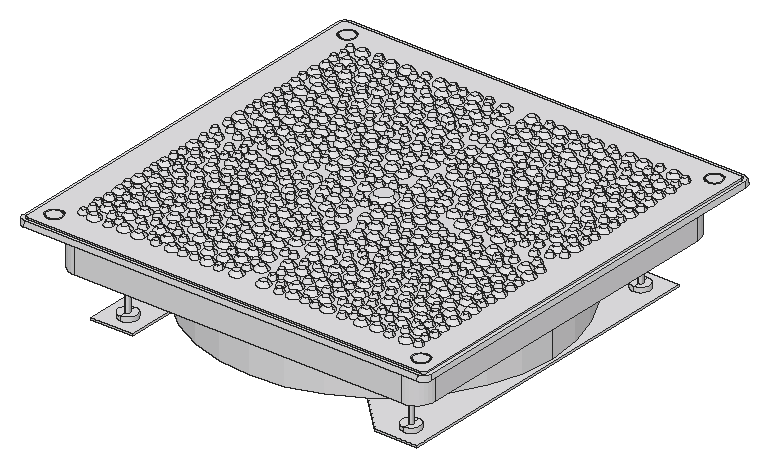
Revit family "Shower-Rainhead-KOHLER-REAL_RAIN-76728GL_1", category Plumbing Fixtures, host Face, Revit 2017 (continued)
Definition of nested family "76728GL"
  Lines and regions (in)
    symbolic lines, detail levels medium+fine
      curve 1899: arc (-7.73525, -7.80181, 0) -> (-7.85379, -7.92035, 0) -> (-7.97233, -7.80181, 0) r 0.11854
      curve 1900: arc (-8.05064, -7.80181, 0) -> (-7.85379, -7.99866, 0) -> (-7.65694, -7.80181, 0) r 0.19685
      curve 1901: arc (-7.65694, -7.80181, 0) -> (-7.85379, -7.60496, 0) -> (-8.05064, -7.80181, 0) r 0.19685
      curve 1902: arc (-7.57586, -7.34201, 0) -> (-7.77271, -7.14516, 0) -> (-7.96956, -7.34201, 0) r 0.19685
      curve 1903: arc (-7.89125, -7.34201, 0) -> (-7.77271, -7.22347, 0) -> (-7.65417, -7.34201, 0) r 0.11854
      curve 1904: arc (-7.65417, -7.34201, 0) -> (-7.77271, -7.46055, 0) -> (-7.89125, -7.34201, 0) r 0.11854
      curve 1905: arc (-7.18117, -7.0114, 0) -> (-7.33724, -7.16746, 0) -> (-7.4933, -7.0114, 0) r 0.15606
      curve 1906: arc (-7.6288, -7.0114, 0) -> (-7.33724, -7.30296, 0) -> (-7.04568, -7.0114, 0) r 0.29156
      curve 1907: arc (-7.7732, -6.89778, 0) -> (-7.89174, -7.01632, 0) -> (-8.01028, -6.89778, 0) r 0.11854
      curve 1908: arc (-8.01028, -6.89778, 0) -> (-7.89174, -6.77924, 0) -> (-7.7732, -6.89778, 0) r 0.11854
      curve 1909: arc (-7.69489, -6.89778, 0) -> (-7.89174, -6.70093, 0) -> (-8.08859, -6.89778, 0) r 0.19685
      curve 1910: arc (-8.08859, -6.89778, 0) -> (-7.89174, -7.09463, 0) -> (-7.69489, -6.89778, 0) r 0.19685
      curve 1911: arc (-7.96956, -7.34201, 0) -> (-7.77271, -7.53886, 0) -> (-7.57586, -7.34201, 0) r 0.19685
      curve 1912: arc (-7.06528, -7.33037, 0) -> (-6.86843, -7.52722, 0) -> (-6.67158, -7.33037, 0) r 0.19685
      curve 1913: arc (-6.74989, -7.33037, 0) -> (-6.86843, -7.44891, 0) -> (-6.98697, -7.33037, 0) r 0.11854
      curve 1914: arc (-6.98697, -7.33037, 0) -> (-6.86843, -7.21183, 0) -> (-6.74989, -7.33037, 0) r 0.11854
      curve 1915: arc (-6.67158, -7.33037, 0) -> (-6.86843, -7.13352, 0) -> (-7.06528, -7.33037, 0) r 0.19685
      curve 1916: arc (-7.4933, -7.0114, 0) -> (-7.33724, -6.85533, 0) -> (-7.18117, -7.0114, 0) r 0.15606
      curve 1917: arc (-7.04568, -7.0114, 0) -> (-7.33724, -6.71984, 0) -> (-7.6288, -7.0114, 0) r 0.29156
      curve 1918: arc (-7.67856, -6.32854, 0) -> (-7.79667, -6.44665, 0) -> (-7.91478, -6.32854, 0) r 0.11811
      curve 1919: arc (-7.91478, -6.32854, 0) -> (-7.79667, -6.21043, 0) -> (-7.67856, -6.32854, 0) r 0.11811
      curve 1920: arc (-8.03289, -6.32854, 0) -> (-7.79667, -6.56476, 0) -> (-7.56045, -6.32854, 0) r 0.23622
      curve 1921: arc (-7.56045, -6.32854, 0) -> (-7.79667, -6.09232, 0) -> (-8.03289, -6.32854, 0) r 0.23622
      curve 1922: arc (-7.13487, -6.43069, 0) -> (-7.25341, -6.54923, 0) -> (-7.37195, -6.43069, 0) r 0.11854
      curve 1923: arc (-7.37195, -6.43069, 0) -> (-7.25341, -6.31215, 0) -> (-7.13487, -6.43069, 0) r 0.11854
      curve 1924: arc (-7.05656, -6.43069, 0) -> (-7.25341, -6.23384, 0) -> (-7.45026, -6.43069, 0) r 0.19685
      curve 1925: arc (-7.45026, -6.43069, 0) -> (-7.25341, -6.62754, 0) -> (-7.05656, -6.43069, 0) r 0.19685
      curve 1926: arc (-7.00745, -6.71547, 0) -> (-6.88891, -6.59693, 0) -> (-6.77037, -6.71547, 0) r 0.11854
      curve 1927: arc (-6.77037, -6.71547, 0) -> (-6.88891, -6.83401, 0) -> (-7.00745, -6.71547, 0) r 0.11854
      curve 1928: arc (-7.08576, -6.71547, 0) -> (-6.88891, -6.91232, 0) -> (-6.69206, -6.71547, 0) r 0.19685
      curve 1929: arc (-6.69206, -6.71547, 0) -> (-6.88891, -6.51862, 0) -> (-7.08576, -6.71547, 0) r 0.19685
      curve 1930: arc (-6.5401, -6.94474, 0) -> (-6.38403, -6.78868, 0) -> (-6.22797, -6.94474, 0) r 0.15606
      curve 1931: arc (-6.22797, -6.94474, 0) -> (-6.38403, -7.10081, 0) -> (-6.5401, -6.94474, 0) r 0.15606
      curve 1932: arc (-6.67559, -6.94474, 0) -> (-6.38403, -7.2363, 0) -> (-6.09247, -6.94474, 0) r 0.29156
      curve 1933: arc (-6.09247, -6.94474, 0) -> (-6.38403, -6.65318, 0) -> (-6.67559, -6.94474, 0) r 0.29156
      curve 1934: arc (-7.4644, -7.84791, 0) -> (-7.30834, -7.69185, 0) -> (-7.15228, -7.84791, 0) r 0.15606
      curve 1935: arc (-7.01678, -7.84791, 0) -> (-7.30834, -7.55635, 0) -> (-7.5999, -7.84791, 0) r 0.29156
      curve 1936: arc (-6.25934, -7.49929, 0) -> (-6.37788, -7.61783, 0) -> (-6.49642, -7.49929, 0) r 0.11854
      curve 1937: arc (-6.49642, -7.49929, 0) -> (-6.37788, -7.38075, 0) -> (-6.25934, -7.49929, 0) r 0.11854
      curve 1938: arc (-6.57473, -7.49929, 0) -> (-6.37788, -7.69614, 0) -> (-6.18103, -7.49929, 0) r 0.19685
      curve 1939: arc (-6.18103, -7.49929, 0) -> (-6.37788, -7.30244, 0) -> (-6.57473, -7.49929, 0) r 0.19685
      curve 1940: arc (-5.95426, -6.95862, 0) -> (-5.83572, -6.84008, 0) -> (-5.71718, -6.95862, 0) r 0.11854
      curve 1941: arc (-5.71718, -6.95862, 0) -> (-5.83572, -7.07716, 0) -> (-5.95426, -6.95862, 0) r 0.11854
      curve 1942: arc (-5.63887, -6.95862, 0) -> (-5.83572, -6.76177, 0) -> (-6.03257, -6.95862, 0) r 0.19685
      curve 1943: arc (-6.03257, -6.95862, 0) -> (-5.83572, -7.15547, 0) -> (-5.63887, -6.95862, 0) r 0.19685
      curve 1944: arc (-6.69785, -7.92317, 0) -> (-6.57931, -7.80463, 0) -> (-6.46077, -7.92317, 0) r 0.11854
      curve 1945: arc (-6.38246, -7.92317, 0) -> (-6.57931, -7.72632, 0) -> (-6.77616, -7.92317, 0) r 0.19685
      curve 1946: arc (-6.46077, -7.92317, 0) -> (-6.57931, -8.04171, 0) -> (-6.69785, -7.92317, 0) r 0.11854
      curve 1947: arc (-6.77616, -7.92317, 0) -> (-6.57931, -8.12002, 0) -> (-6.38246, -7.92317, 0) r 0.19685
      curve 1948: arc (-5.06468, -7.84791, 0) -> (-5.22074, -8.00398, 0) -> (-5.37681, -7.84791, 0) r 0.15606
      curve 1949: arc (-5.37681, -7.84791, 0) -> (-5.22074, -7.69185, 0) -> (-5.06468, -7.84791, 0) r 0.15606
      curve 1950: arc (-5.5123, -7.84791, 0) -> (-5.22074, -8.13947, 0) -> (-4.92918, -7.84791, 0) r 0.29156
      curve 1951: arc (-4.92918, -7.84791, 0) -> (-5.22074, -7.55635, 0) -> (-5.5123, -7.84791, 0) r 0.29156
      curve 1952: arc (-6.07406, -7.79916, 0) -> (-5.91799, -7.64309, 0) -> (-5.76193, -7.79916, 0) r 0.15606
      curve 1953: arc (-5.76193, -7.79916, 0) -> (-5.91799, -7.95522, 0) -> (-6.07406, -7.79916, 0) r 0.15606
      curve 1954: arc (-6.20955, -7.79916, 0) -> (-5.91799, -8.09072, 0) -> (-5.62643, -7.79916, 0) r 0.29156
      curve 1955: arc (-5.62643, -7.79916, 0) -> (-5.91799, -7.5076, 0) -> (-6.20955, -7.79916, 0) r 0.29156
      curve 1956: arc (-7.15228, -7.84791, 0) -> (-7.30834, -8.00398, 0) -> (-7.4644, -7.84791, 0) r 0.15606
      curve 1957: arc (-7.5999, -7.84791, 0) -> (-7.30834, -8.13947, 0) -> (-7.01678, -7.84791, 0) r 0.29156
      curve 1958: arc (-5.33493, -7.3028, 0) -> (-5.45347, -7.42134, 0) -> (-5.57201, -7.3028, 0) r 0.11854
      curve 1959: arc (-5.57201, -7.3028, 0) -> (-5.45347, -7.18426, 0) -> (-5.33493, -7.3028, 0) r 0.11854
      curve 1960: arc (-5.25662, -7.3028, 0) -> (-5.45347, -7.10595, 0) -> (-5.65032, -7.3028, 0) r 0.19685
      curve 1961: arc (-5.65032, -7.3028, 0) -> (-5.45347, -7.49965, 0) -> (-5.25662, -7.3028, 0) r 0.19685
      curve 1962: arc (-5.9672, -6.37778, 0) -> (-6.12326, -6.53384, 0) -> (-6.27933, -6.37778, 0) r 0.15606
      curve 1963: arc (-6.27933, -6.37778, 0) -> (-6.12326, -6.22171, 0) -> (-5.9672, -6.37778, 0) r 0.15606
      curve 1964: arc (-6.41482, -6.37778, 0) -> (-6.12326, -6.66934, 0) -> (-5.8317, -6.37778, 0) r 0.29156
      curve 1965: arc (-5.8317, -6.37778, 0) -> (-6.12326, -6.08622, 0) -> (-6.41482, -6.37778, 0) r 0.29156
      curve 1966: arc (-6.59481, -6.20013, 0) -> (-6.75087, -6.3562, 0) -> (-6.90694, -6.20013, 0) r 0.15606
      curve 1967: arc (-6.90694, -6.20013, 0) -> (-6.75087, -6.04407, 0) -> (-6.59481, -6.20013, 0) r 0.15606
      curve 1968: arc (-6.45931, -6.20013, 0) -> (-6.75087, -5.90857, 0) -> (-7.04243, -6.20013, 0) r 0.29156
      curve 1969: arc (-7.04243, -6.20013, 0) -> (-6.75087, -6.49169, 0) -> (-6.45931, -6.20013, 0) r 0.29156
      curve 1970: arc (-7.42192, -5.93266, 0) -> (-7.30338, -5.81412, 0) -> (-7.18484, -5.93266, 0) r 0.11854
      curve 1971: arc (-7.18484, -5.93266, 0) -> (-7.30338, -6.0512, 0) -> (-7.42192, -5.93266, 0) r 0.11854
      curve 1972: arc (-7.50023, -5.93266, 0) -> (-7.30338, -6.12951, 0) -> (-7.10653, -5.93266, 0) r 0.19685
      curve 1973: arc (-7.10653, -5.93266, 0) -> (-7.30338, -5.73581, 0) -> (-7.50023, -5.93266, 0) r 0.19685
      curve 1974: arc (-7.65638, -5.70698, 0) -> (-7.81244, -5.86304, 0) -> (-7.9685, -5.70698, 0) r 0.15606
      curve 1975: arc (-7.9685, -5.70698, 0) -> (-7.81244, -5.55092, 0) -> (-7.65638, -5.70698, 0) r 0.15606
      curve 1976: arc (-8.104, -5.70698, 0) -> (-7.81244, -5.99854, 0) -> (-7.52088, -5.70698, 0) r 0.29156
      curve 1977: arc (-7.52088, -5.70698, 0) -> (-7.81244, -5.41542, 0) -> (-8.104, -5.70698, 0) r 0.29156
      curve 1978: arc (-7.79876, -5.13688, 0) -> (-7.9173, -5.25542, 0) -> (-8.03584, -5.13688, 0) r 0.11854
      curve 1979: arc (-8.03584, -5.13688, 0) -> (-7.9173, -5.01834, 0) -> (-7.79876, -5.13688, 0) r 0.11854
      curve 1980: arc (-8.11415, -5.13688, 0) -> (-7.9173, -5.33373, 0) -> (-7.72045, -5.13688, 0) r 0.19685
      curve 1981: arc (-7.72045, -5.13688, 0) -> (-7.9173, -4.94003, 0) -> (-8.11415, -5.13688, 0) r 0.19685
      curve 1982: arc (-7.18958, -5.26479, 0) -> (-7.34564, -5.42085, 0) -> (-7.50171, -5.26479, 0) r 0.15606
      curve 1983: arc (-7.50171, -5.26479, 0) -> (-7.34564, -5.10873, 0) -> (-7.18958, -5.26479, 0) r 0.15606
      curve 1984: arc (-7.6372, -5.26479, 0) -> (-7.34564, -5.55635, 0) -> (-7.05408, -5.26479, 0) r 0.29156
      curve 1985: arc (-7.21591, -4.79899, 0) -> (-6.92435, -5.09055, 0) -> (-6.63279, -4.79899, 0) r 0.29156
      curve 1986: arc (-7.05408, -5.26479, 0) -> (-7.34564, -4.97323, 0) -> (-7.6372, -5.26479, 0) r 0.29156
      curve 1987: circle (-7.82128, -4.58149, 0) r 0.15606 normal (0, 0, -1)
      curve 1988: circle (-7.82128, -4.58149, 0) r 0.29156 normal (0, 0, 1)
      curve 1989: arc (-6.76828, -4.79899, 0) -> (-6.92435, -4.95505, 0) -> (-7.08041, -4.79899, 0) r 0.15606
      curve 1990: arc (-7.08041, -4.79899, 0) -> (-6.92435, -4.64293, 0) -> (-6.76828, -4.79899, 0) r 0.15606
      curve 1991: arc (-6.63279, -4.79899, 0) -> (-6.92435, -4.50743, 0) -> (-7.21591, -4.79899, 0) r 0.29156
      curve 1992: arc (-7.0422, -5.66677, 0) -> (-6.92366, -5.54823, 0) -> (-6.80512, -5.66677, 0) r 0.11854
      curve 1993: arc (-6.80512, -5.66677, 0) -> (-6.92366, -5.78531, 0) -> (-7.0422, -5.66677, 0) r 0.11854
      curve 1994: arc (-6.72681, -5.66677, 0) -> (-6.92366, -5.46992, 0) -> (-7.12051, -5.66677, 0) r 0.19685
      curve 1995: arc (-7.12051, -5.66677, 0) -> (-6.92366, -5.86362, 0) -> (-6.72681, -5.66677, 0) r 0.19685
      curve 1996: arc (-6.12204, -5.64932, 0) -> (-6.2781, -5.80538, 0) -> (-6.43417, -5.64932, 0) r 0.15606
      curve 1997: arc (-6.43417, -5.64932, 0) -> (-6.2781, -5.49326, 0) -> (-6.12204, -5.64932, 0) r 0.15606
      curve 1998: arc (-6.56966, -5.64932, 0) -> (-6.2781, -5.94088, 0) -> (-5.98654, -5.64932, 0) r 0.29156
      curve 1999: arc (-5.98654, -5.64932, 0) -> (-6.2781, -5.35776, 0) -> (-6.56966, -5.64932, 0) r 0.29156
      curve 2000: arc (-6.53704, -5.25006, 0) -> (-6.65558, -5.3686, 0) -> (-6.77413, -5.25006, 0) r 0.11854
      curve 2001: arc (-6.77413, -5.25006, 0) -> (-6.65558, -5.13152, 0) -> (-6.53704, -5.25006, 0) r 0.11854
      curve 2002: arc (-6.85244, -5.25006, 0) -> (-6.65558, -5.44691, 0) -> (-6.45873, -5.25006, 0) r 0.19685
      curve 2003: arc (-6.45873, -5.25006, 0) -> (-6.65558, -5.05321, 0) -> (-6.85244, -5.25006, 0) r 0.19685
      curve 2004: arc (-5.74964, -5.25006, 0) -> (-5.86818, -5.3686, 0) -> (-5.98672, -5.25006, 0) r 0.11854
      curve 2005: arc (-5.98672, -5.25006, 0) -> (-5.86818, -5.13152, 0) -> (-5.74964, -5.25006, 0) r 0.11854
      curve 2006: arc (-6.06503, -5.25006, 0) -> (-5.86818, -5.44691, 0) -> (-5.67133, -5.25006, 0) r 0.19685
      curve 2007: arc (-5.67133, -5.25006, 0) -> (-5.86818, -5.05321, 0) -> (-6.06503, -5.25006, 0) r 0.19685
      curve 2008: arc (-6.12211, -4.86607, 0) -> (-6.27818, -5.02214, 0) -> (-6.43424, -4.86607, 0) r 0.15606
      curve 2009: arc (-6.43424, -4.86607, 0) -> (-6.27818, -4.71001, 0) -> (-6.12211, -4.86607, 0) r 0.15606
      curve 2010: arc (-5.98662, -4.86607, 0) -> (-6.27818, -4.57451, 0) -> (-6.56974, -4.86607, 0) r 0.29156
      curve 2011: arc (-6.56974, -4.86607, 0) -> (-6.27818, -5.15763, 0) -> (-5.98662, -4.86607, 0) r 0.29156
      curve 2012: arc (-4.61324, -7.65089, 0) -> (-4.73178, -7.76943, 0) -> (-4.85032, -7.65089, 0) r 0.11854
      curve 2013: arc (-4.85032, -7.65089, 0) -> (-4.73178, -7.53235, 0) -> (-4.61324, -7.65089, 0) r 0.11854
      curve 2014: arc (-4.53493, -7.65089, 0) -> (-4.73178, -7.45404, 0) -> (-4.92863, -7.65089, 0) r 0.19685
      curve 2015: arc (-4.92863, -7.65089, 0) -> (-4.73178, -7.84774, 0) -> (-4.53493, -7.65089, 0) r 0.19685
      curve 2016: arc (-5.17716, -6.74381, 0) -> (-5.2957, -6.86235, 0) -> (-5.41424, -6.74381, 0) r 0.11854
      curve 2017: arc (-5.41424, -6.74381, 0) -> (-5.2957, -6.62527, 0) -> (-5.17716, -6.74381, 0) r 0.11854
      curve 2018: arc (-5.09885, -6.74381, 0) -> (-5.2957, -6.54696, 0) -> (-5.49255, -6.74381, 0) r 0.19685
      curve 2019: arc (-5.49255, -6.74381, 0) -> (-5.2957, -6.94066, 0) -> (-5.09885, -6.74381, 0) r 0.19685
      curve 2020: arc (-4.24755, -7.90694, 0) -> (-4.36609, -8.02548, 0) -> (-4.48464, -7.90694, 0) r 0.11854
      curve 2021: arc (-4.48464, -7.90694, 0) -> (-4.36609, -7.7884, 0) -> (-4.24755, -7.90694, 0) r 0.11854
      curve 2022: arc (-4.16924, -7.90694, 0) -> (-4.36609, -7.71009, 0) -> (-4.56295, -7.90694, 0) r 0.19685
      curve 2023: arc (-4.56295, -7.90694, 0) -> (-4.36609, -8.10379, 0) -> (-4.16924, -7.90694, 0) r 0.19685
      curve 2024: arc (-2.98194, -7.90694, 0) -> (-3.10048, -8.02548, 0) -> (-3.21902, -7.90694, 0) r 0.11854
      curve 2025: arc (-3.21902, -7.90694, 0) -> (-3.10048, -7.7884, 0) -> (-2.98194, -7.90694, 0) r 0.11854
      curve 2026: arc (-2.90363, -7.90694, 0) -> (-3.10048, -7.71009, 0) -> (-3.29733, -7.90694, 0) r 0.19685
      curve 2027: arc (-3.29733, -7.90694, 0) -> (-3.10048, -8.10379, 0) -> (-2.90363, -7.90694, 0) r 0.19685
      curve 2028: arc (-3.61028, -7.08506, 0) -> (-3.72882, -7.2036, 0) -> (-3.84736, -7.08506, 0) r 0.11854
      curve 2029: arc (-3.84736, -7.08506, 0) -> (-3.72882, -6.96652, 0) -> (-3.61028, -7.08506, 0) r 0.11854
      curve 2030: arc (-3.53197, -7.08506, 0) -> (-3.72882, -6.88821, 0) -> (-3.92567, -7.08506, 0) r 0.19685
      curve 2031: arc (-3.92567, -7.08506, 0) -> (-3.72882, -7.28191, 0) -> (-3.53197, -7.08506, 0) r 0.19685
      curve 2032: arc (-2.47489, -7.84973, 0) -> (-2.59343, -7.96827, 0) -> (-2.71197, -7.84973, 0) r 0.11854
      curve 2033: arc (-2.71197, -7.84973, 0) -> (-2.59343, -7.73118, 0) -> (-2.47489, -7.84973, 0) r 0.11854
      curve 2034: arc (-2.39658, -7.84973, 0) -> (-2.59343, -7.65287, 0) -> (-2.79028, -7.84973, 0) r 0.19685
      curve 2035: arc (-2.79028, -7.84973, 0) -> (-2.59343, -8.04658, 0) -> (-2.39658, -7.84973, 0) r 0.19685
      curve 2036: arc (-2.64312, -6.80387, 0) -> (-2.76166, -6.92241, 0) -> (-2.8802, -6.80387, 0) r 0.11854
      curve 2037: arc (-2.8802, -6.80387, 0) -> (-2.76166, -6.68533, 0) -> (-2.64312, -6.80387, 0) r 0.11854
      curve 2038: arc (-2.56481, -6.80387, 0) -> (-2.76166, -6.60702, 0) -> (-2.95851, -6.80387, 0) r 0.19685
      curve 2039: arc (-2.95851, -6.80387, 0) -> (-2.76166, -7.00072, 0) -> (-2.56481, -6.80387, 0) r 0.19685
      curve 2040: arc (-4.09031, -6.80387, 0) -> (-4.20885, -6.92241, 0) -> (-4.32739, -6.80387, 0) r 0.11854
      curve 2041: arc (-4.32739, -6.80387, 0) -> (-4.20885, -6.68533, 0) -> (-4.09031, -6.80387, 0) r 0.11854
      curve 2042: arc (-4.012, -6.80387, 0) -> (-4.20885, -6.60702, 0) -> (-4.4057, -6.80387, 0) r 0.19685
      curve 2043: arc (-4.4057, -6.80387, 0) -> (-4.20885, -7.00072, 0) -> (-4.012, -6.80387, 0) r 0.19685
      curve 2044: arc (-4.54622, -6.52269, 0) -> (-4.66476, -6.64123, 0) -> (-4.7833, -6.52269, 0) r 0.11854
      curve 2045: arc (-4.7833, -6.52269, 0) -> (-4.66476, -6.40415, 0) -> (-4.54622, -6.52269, 0) r 0.11854
      curve 2046: arc (-4.46791, -6.52269, 0) -> (-4.66476, -6.32584, 0) -> (-4.86161, -6.52269, 0) r 0.19685
      curve 2047: arc (-4.86161, -6.52269, 0) -> (-4.66476, -6.71954, 0) -> (-4.46791, -6.52269, 0) r 0.19685
      curve 2048: arc (-5.42258, -6.27957, 0) -> (-5.54112, -6.39811, 0) -> (-5.65966, -6.27957, 0) r 0.11854
      curve 2049: arc (-5.65966, -6.27957, 0) -> (-5.54112, -6.16103, 0) -> (-5.42258, -6.27957, 0) r 0.11854
      curve 2050: arc (-5.34427, -6.27957, 0) -> (-5.54112, -6.08272, 0) -> (-5.73797, -6.27957, 0) r 0.19685
      curve 2051: arc (-5.73797, -6.27957, 0) -> (-5.54112, -6.47642, 0) -> (-5.34427, -6.27957, 0) r 0.19685
      curve 2052: arc (-5.54072, -5.78627, 0) -> (-5.65926, -5.90482, 0) -> (-5.7778, -5.78627, 0) r 0.11854
      curve 2053: arc (-5.7778, -5.78627, 0) -> (-5.65926, -5.66773, 0) -> (-5.54072, -5.78627, 0) r 0.11854
      curve 2054: arc (-5.46241, -5.78627, 0) -> (-5.65926, -5.58942, 0) -> (-5.85611, -5.78627, 0) r 0.19685
      curve 2055: arc (-5.85611, -5.78627, 0) -> (-5.65926, -5.98313, 0) -> (-5.46241, -5.78627, 0) r 0.19685
      curve 2056: arc (-4.26519, -6.02662, 0) -> (-4.38373, -6.14516, 0) -> (-4.50227, -6.02662, 0) r 0.11854
      curve 2057: arc (-4.50227, -6.02662, 0) -> (-4.38373, -5.90808, 0) -> (-4.26519, -6.02662, 0) r 0.11854
      curve 2058: arc (-4.18688, -6.02662, 0) -> (-4.38373, -5.82977, 0) -> (-4.58058, -6.02662, 0) r 0.19685
      curve 2059: arc (-4.58058, -6.02662, 0) -> (-4.38373, -6.22347, 0) -> (-4.18688, -6.02662, 0) r 0.19685
      curve 2060: arc (-4.53176, -5.39897, 0) -> (-4.6503, -5.51751, 0) -> (-4.76884, -5.39897, 0) r 0.11854
      curve 2061: arc (-4.76884, -5.39897, 0) -> (-4.6503, -5.28043, 0) -> (-4.53176, -5.39897, 0) r 0.11854
      curve 2062: arc (-4.45345, -5.39897, 0) -> (-4.6503, -5.20212, 0) -> (-4.84715, -5.39897, 0) r 0.19685
      curve 2063: arc (-4.84715, -5.39897, 0) -> (-4.6503, -5.59582, 0) -> (-4.45345, -5.39897, 0) r 0.19685
      curve 2064: arc (-4.01766, -5.51334, 0) -> (-4.1362, -5.63189, 0) -> (-4.25474, -5.51334, 0) r 0.11854
      curve 2065: arc (-4.25474, -5.51334, 0) -> (-4.1362, -5.3948, 0) -> (-4.01766, -5.51334, 0) r 0.11854
      curve 2066: arc (-3.93935, -5.51334, 0) -> (-4.1362, -5.31649, 0) -> (-4.33305, -5.51334, 0) r 0.19685
      curve 2067: arc (-4.33305, -5.51334, 0) -> (-4.1362, -5.7102, 0) -> (-3.93935, -5.51334, 0) r 0.19685
      curve 2068: arc (-3.66705, -5.08924, 0) -> (-3.78559, -5.20778, 0) -> (-3.90413, -5.08924, 0) r 0.11854
      curve 2069: arc (-3.90413, -5.08924, 0) -> (-3.78559, -4.9707, 0) -> (-3.66705, -5.08924, 0) r 0.11854
      curve 2070: arc (-3.58874, -5.08924, 0) -> (-3.78559, -4.89239, 0) -> (-3.98244, -5.08924, 0) r 0.19685
      curve 2071: arc (-3.98244, -5.08924, 0) -> (-3.78559, -5.28609, 0) -> (-3.58874, -5.08924, 0) r 0.19685
      curve 2072: arc (-5.53916, -4.78288, 0) -> (-5.6577, -4.90142, 0) -> (-5.77624, -4.78288, 0) r 0.11854
      curve 2073: arc (-5.77624, -4.78288, 0) -> (-5.6577, -4.66434, 0) -> (-5.53916, -4.78288, 0) r 0.11854
      curve 2074: arc (-5.46085, -4.78288, 0) -> (-5.6577, -4.58603, 0) -> (-5.85455, -4.78288, 0) r 0.19685
      curve 2075: arc (-5.85455, -4.78288, 0) -> (-5.6577, -4.97973, 0) -> (-5.46085, -4.78288, 0) r 0.19685
      curve 2076: arc (-3.09302, -6.01662, 0) -> (-3.21156, -6.13516, 0) -> (-3.3301, -6.01662, 0) r 0.11854
      curve 2077: arc (-3.3301, -6.01662, 0) -> (-3.21156, -5.89808, 0) -> (-3.09302, -6.01662, 0) r 0.11854
      curve 2078: arc (-3.01471, -6.01662, 0) -> (-3.21156, -5.81977, 0) -> (-3.40841, -6.01662, 0) r 0.19685
      curve 2079: arc (-3.40841, -6.01662, 0) -> (-3.21156, -6.21347, 0) -> (-3.01471, -6.01662, 0) r 0.19685
      curve 2080: arc (-2.27158, -5.87499, 0) -> (-2.39012, -5.99353, 0) -> (-2.50867, -5.87499, 0) r 0.11854
      curve 2081: arc (-2.50867, -5.87499, 0) -> (-2.39012, -5.75644, 0) -> (-2.27158, -5.87499, 0) r 0.11854
      curve 2082: arc (-2.19327, -5.87499, 0) -> (-2.39012, -5.67813, 0) -> (-2.58698, -5.87499, 0) r 0.19685
      curve 2083: arc (-2.58698, -5.87499, 0) -> (-2.39012, -6.07184, 0) -> (-2.19327, -5.87499, 0) r 0.19685
      curve 2084: arc (-2.37257, -5.01257, 0) -> (-2.49111, -5.13111, 0) -> (-2.60965, -5.01257, 0) r 0.11854
      curve 2085: arc (-2.60965, -5.01257, 0) -> (-2.49111, -4.89403, 0) -> (-2.37257, -5.01257, 0) r 0.11854
      curve 2086: arc (-2.29426, -5.01257, 0) -> (-2.49111, -4.81572, 0) -> (-2.68796, -5.01257, 0) r 0.19685
      curve 2087: arc (-2.68796, -5.01257, 0) -> (-2.49111, -5.20942, 0) -> (-2.29426, -5.01257, 0) r 0.19685
      curve 2088: arc (-1.23964, -5.59712, 0) -> (-1.35818, -5.71566, 0) -> (-1.47672, -5.59712, 0) r 0.11854
      curve 2089: arc (-1.47672, -5.59712, 0) -> (-1.35818, -5.47858, 0) -> (-1.23964, -5.59712, 0) r 0.11854
      curve 2090: arc (-1.16133, -5.59712, 0) -> (-1.35818, -5.40027, 0) -> (-1.55503, -5.59712, 0) r 0.19685
      curve 2091: arc (-1.55503, -5.59712, 0) -> (-1.35818, -5.79397, 0) -> (-1.16133, -5.59712, 0) r 0.19685
      curve 2092: arc (-0.74576, -5.70373, 0) -> (-0.8643, -5.82227, 0) -> (-0.98284, -5.70373, 0) r 0.11854
      curve 2093: arc (-0.98284, -5.70373, 0) -> (-0.8643, -5.58519, 0) -> (-0.74576, -5.70373, 0) r 0.11854
      curve 2094: arc (-0.66745, -5.70373, 0) -> (-0.8643, -5.50688, 0) -> (-1.06115, -5.70373, 0) r 0.19685
      curve 2095: arc (-1.06115, -5.70373, 0) -> (-0.8643, -5.90058, 0) -> (-0.66745, -5.70373, 0) r 0.19685
      curve 2096: arc (-2.65714, -6.17692, 0) -> (-2.77568, -6.29546, 0) -> (-2.89422, -6.17692, 0) r 0.11854
      curve 2097: arc (-2.89422, -6.17692, 0) -> (-2.77568, -6.05838, 0) -> (-2.65714, -6.17692, 0) r 0.11854
      curve 2098: arc (-2.57883, -6.17692, 0) -> (-2.77568, -5.98007, 0) -> (-2.97253, -6.17692, 0) r 0.19685
      curve 2099: arc (-2.97253, -6.17692, 0) -> (-2.77568, -6.37377, 0) -> (-2.57883, -6.17692, 0) r 0.19685
      curve 2100: arc (-1.66577, -6.68216, 0) -> (-1.78431, -6.8007, 0) -> (-1.90285, -6.68216, 0) r 0.11854
      curve 2101: arc (-1.90285, -6.68216, 0) -> (-1.78431, -6.56362, 0) -> (-1.66577, -6.68216, 0) r 0.11854
      curve 2102: arc (-1.58746, -6.68216, 0) -> (-1.78431, -6.48531, 0) -> (-1.98116, -6.68216, 0) r 0.19685
      curve 2103: arc (-1.98116, -6.68216, 0) -> (-1.78431, -6.87901, 0) -> (-1.58746, -6.68216, 0) r 0.19685
      curve 2104: arc (-0.47774, -6.74916, 0) -> (-0.59628, -6.8677, 0) -> (-0.71482, -6.74916, 0) r 0.11854
      curve 2105: arc (-0.71482, -6.74916, 0) -> (-0.59628, -6.63062, 0) -> (-0.47774, -6.74916, 0) r 0.11854
      curve 2106: arc (-0.39943, -6.74916, 0) -> (-0.59628, -6.55231, 0) -> (-0.79313, -6.74916, 0) r 0.19685
      curve 2107: arc (-0.79313, -6.74916, 0) -> (-0.59628, -6.94601, 0) -> (-0.39943, -6.74916, 0) r 0.19685
      curve 2108: arc (-0.47774, -7.28378, 0) -> (-0.59628, -7.40232, 0) -> (-0.71482, -7.28378, 0) r 0.11854
      curve 2109: arc (-0.71482, -7.28378, 0) -> (-0.59628, -7.16524, 0) -> (-0.47774, -7.28378, 0) r 0.11854
      curve 2110: arc (-0.39943, -7.28378, 0) -> (-0.59628, -7.08693, 0) -> (-0.79313, -7.28378, 0) r 0.19685
      curve 2111: arc (-0.79313, -7.28378, 0) -> (-0.59628, -7.48063, 0) -> (-0.39943, -7.28378, 0) r 0.19685
      curve 2112: arc (-1.05645, -7.49767, 0) -> (-1.17499, -7.61621, 0) -> (-1.29354, -7.49767, 0) r 0.11854
      curve 2113: arc (-1.29354, -7.49767, 0) -> (-1.17499, -7.37913, 0) -> (-1.05645, -7.49767, 0) r 0.11854
      curve 2114: arc (-0.97814, -7.49767, 0) -> (-1.17499, -7.30082, 0) -> (-1.37185, -7.49767, 0) r 0.19685
      curve 2115: arc (-1.37185, -7.49767, 0) -> (-1.17499, -7.69452, 0) -> (-0.97814, -7.49767, 0) r 0.19685
      curve 2116: arc (-1.2954, -7.91154, 0) -> (-1.41394, -8.03008, 0) -> (-1.53248, -7.91154, 0) r 0.11854
      curve 2117: arc (-1.53248, -7.91154, 0) -> (-1.41394, -7.793, 0) -> (-1.2954, -7.91154, 0) r 0.11854
      curve 2118: arc (-1.21709, -7.91154, 0) -> (-1.41394, -7.71469, 0) -> (-1.61079, -7.91154, 0) r 0.19685
      curve 2119: arc (-1.61079, -7.91154, 0) -> (-1.41394, -8.10839, 0) -> (-1.21709, -7.91154, 0) r 0.19685
      curve 2120: arc (-0.08935, -5.53954, 0) -> (-0.2079, -5.65808, 0) -> (-0.32644, -5.53954, 0) r 0.11854
      curve 2121: arc (-0.32644, -5.53954, 0) -> (-0.2079, -5.421, 0) -> (-0.08935, -5.53954, 0) r 0.11854
      curve 2122: arc (-0.01104, -5.53954, 0) -> (-0.2079, -5.34269, 0) -> (-0.40475, -5.53954, 0) r 0.19685
      curve 2123: arc (-0.40475, -5.53954, 0) -> (-0.2079, -5.73639, 0) -> (-0.01104, -5.53954, 0) r 0.19685
      curve 2124: arc (-0.20581, -4.14288, 0) -> (-0.32435, -4.26142, 0) -> (-0.44289, -4.14288, 0) r 0.11854
      curve 2125: arc (-0.44289, -4.14288, 0) -> (-0.32435, -4.02434, 0) -> (-0.20581, -4.14288, 0) r 0.11854
      curve 2126: arc (-0.1275, -4.14288, 0) -> (-0.32435, -3.94603, 0) -> (-0.5212, -4.14288, 0) r 0.19685
      curve 2127: arc (-0.5212, -4.14288, 0) -> (-0.32435, -4.33973, 0) -> (-0.1275, -4.14288, 0) r 0.19685
      curve 2128: arc (-0.65654, -4.05363, 0) -> (-0.77508, -4.17217, 0) -> (-0.89362, -4.05363, 0) r 0.11854
      curve 2129: arc (-0.89362, -4.05363, 0) -> (-0.77508, -3.93509, 0) -> (-0.65654, -4.05363, 0) r 0.11854
      curve 2130: arc (-0.57823, -4.05363, 0) -> (-0.77508, -3.85678, 0) -> (-0.97193, -4.05363, 0) r 0.19685
      curve 2131: arc (-0.97193, -4.05363, 0) -> (-0.77508, -4.25048, 0) -> (-0.57823, -4.05363, 0) r 0.19685
      curve 2132: arc (-1.56771, -4.23074, 0) -> (-1.68625, -4.34928, 0) -> (-1.80479, -4.23074, 0) r 0.11854
      curve 2133: arc (-1.80479, -4.23074, 0) -> (-1.68625, -4.1122, 0) -> (-1.56771, -4.23074, 0) r 0.11854
      curve 2134: arc (-1.4894, -4.23074, 0) -> (-1.68625, -4.03389, 0) -> (-1.8831, -4.23074, 0) r 0.19685
      curve 2135: arc (-1.8831, -4.23074, 0) -> (-1.68625, -4.42759, 0) -> (-1.4894, -4.23074, 0) r 0.19685
      curve 2136: arc (-1.98053, -3.85616, 0) -> (-2.09907, -3.9747, 0) -> (-2.21761, -3.85616, 0) r 0.11854
      curve 2137: arc (-2.21761, -3.85616, 0) -> (-2.09907, -3.73762, 0) -> (-1.98053, -3.85616, 0) r 0.11854
      curve 2138: arc (-1.90222, -3.85616, 0) -> (-2.09907, -3.65931, 0) -> (-2.29592, -3.85616, 0) r 0.19685
      curve 2139: arc (-2.29592, -3.85616, 0) -> (-2.09907, -4.05301, 0) -> (-1.90222, -3.85616, 0) r 0.19685
      curve 2140: circle (-2.46191, -4.23524, 0) r 0.11854 normal (0, 0, -1)
      curve 2141: circle (-2.46191, -4.23524, 0) r 0.19685 normal (0, 0, 1)
      curve 2142: circle (-2.87498, -4.37583, 0) r 0.11854 normal (0, 0, -1)
      curve 2143: circle (-2.87498, -4.37583, 0) r 0.19685 normal (0, 0, 1)
      curve 2144: circle (-2.7653, -3.76815, 0) r 0.11854 normal (0, 0, -1)
      curve 2145: circle (-2.7653, -3.76815, 0) r 0.19685 normal (0, 0, 1)
      curve 2146: circle (-0.86929, -3.59174, 0) r 0.11854 normal (0, 0, -1)
      curve 2147: circle (-0.86929, -3.59174, 0) r 0.19685 normal (0, 0, 1)
      curve 2148: circle (-3.85272, -3.97645, 0) r 0.11854 normal (0, 0, -1)
      curve 2149: circle (-3.85272, -3.97645, 0) r 0.19685 normal (0, 0, 1)
      curve 2150: circle (-3.78059, -3.38928, 0) r 0.11854 normal (0, 0, -1)
      curve 2151: circle (-3.78059, -3.38928, 0) r 0.19685 normal (0, 0, 1)
      curve 2152: circle (-4.24983, -3.38928, 0) r 0.11854 normal (0, 0, -1)
      curve 2153: circle (-4.24983, -3.38928, 0) r 0.19685 normal (0, 0, 1)
      curve 2154: circle (-2.59898, -3.27788, 0) r 0.11854 normal (0, 0, -1)
      curve 2155: circle (-2.59898, -3.27788, 0) r 0.19685 normal (0, 0, 1)
      curve 2156: circle (-5.09811, -3.96126, 0) r 0.11854 normal (0, 0, -1)
      curve 2157: circle (-5.09811, -3.96126, 0) r 0.19685 normal (0, 0, 1)
      curve 2158: circle (-4.69511, -2.8355, 0) r 0.11854 normal (0, 0, -1)
      curve 2159: circle (-4.69511, -2.8355, 0) r 0.19685 normal (0, 0, 1)
      curve 2160: circle (-3.5025, -2.79019, 0) r 0.11854 normal (0, 0, -1)
      curve 2161: circle (-3.5025, -2.79019, 0) r 0.19685 normal (0, 0, 1)
      curve 2162: circle (-5.79386, -2.63623, 0) r 0.11854 normal (0, 0, -1)
      curve 2163: circle (-5.79386, -2.63623, 0) r 0.19685 normal (0, 0, 1)
      curve 2164: circle (-5.31997, -2.57524, 0) r 0.11854 normal (0, 0, -1)
      curve 2165: circle (-5.31997, -2.57524, 0) r 0.19685 normal (0, 0, 1)
      curve 2166: circle (-5.96612, -3.35566, 0) r 0.11854 normal (0, 0, -1)
      curve 2167: circle (-5.96612, -3.35566, 0) r 0.19685 normal (0, 0, 1)
      curve 2168: circle (-6.47978, -3.74775, 0) r 0.11854 normal (0, 0, -1)
      curve 2169: circle (-6.47978, -3.74775, 0) r 0.19685 normal (0, 0, 1)
      curve 2170: circle (-3.16321, -2.43479, 0) r 0.11854 normal (0, 0, -1)
      curve 2171: circle (-3.16321, -2.43479, 0) r 0.19685 normal (0, 0, 1)
      curve 2172: circle (-4.2167, -2.20742, 0) r 0.11854 normal (0, 0, -1)
      curve 2173: circle (-4.2167, -2.20742, 0) r 0.19685 normal (0, 0, 1)
      curve 2174: circle (-2.65655, -2.14467, 0) r 0.11854 normal (0, 0, -1)
      curve 2175: circle (-2.65655, -2.14467, 0) r 0.19685 normal (0, 0, 1)
      curve 2176: circle (-2.22581, -2.66819, 0) r 0.11854 normal (0, 0, -1)
      curve 2177: circle (-2.22581, -2.66819, 0) r 0.19685 normal (0, 0, 1)
      curve 2178: circle (-3.59671, -4.5703, 0) r 0.11854 normal (0, 0, -1)
      curve 2179: circle (-3.59671, -4.5703, 0) r 0.19685 normal (0, 0, 1)
      curve 2180: circle (-4.14701, -4.36437, 0) r 0.11854 normal (0, 0, -1)
      curve 2181: circle (-4.14701, -4.36437, 0) r 0.19685 normal (0, 0, 1)
      curve 2182: circle (-4.84785, -4.29059, 0) r 0.11854 normal (0, 0, -1)
      curve 2183: circle (-4.84785, -4.29059, 0) r 0.19685 normal (0, 0, 1)
      curve 2184: circle (-5.43686, -4.364, 0) r 0.11854 normal (0, 0, -1)
      curve 2185: circle (-5.43686, -4.364, 0) r 0.19685 normal (0, 0, 1)
      curve 2186: circle (-6.74151, -4.187, 0) r 0.11854 normal (0, 0, -1)
      curve 2187: circle (-6.74151, -4.187, 0) r 0.19685 normal (0, 0, 1)
      curve 2188: circle (-7.82621, -4.03381, 0) r 0.11854 normal (0, 0, -1)
      curve 2189: circle (-7.82621, -4.03381, 0) r 0.19685 normal (0, 0, 1)
      curve 2190: circle (-7.88415, -3.62343, 0) r 0.11854 normal (0, 0, -1)
      curve 2191: circle (-7.88415, -3.62343, 0) r 0.19685 normal (0, 0, 1)
      curve 2192: circle (-7.36634, -3.62343, 0) r 0.11854 normal (0, 0, -1)
      curve 2193: circle (-7.36634, -3.62343, 0) r 0.19685 normal (0, 0, 1)
      curve 2194: circle (-7.25572, -2.99565, 0) r 0.11854 normal (0, 0, -1)
      curve 2195: circle (-7.25572, -2.99565, 0) r 0.19685 normal (0, 0, 1)
      curve 2196: circle (-7.9033, -2.44878, 0) r 0.11854 normal (0, 0, -1)
      curve 2197: circle (-7.9033, -2.44878, 0) r 0.19685 normal (0, 0, 1)
      curve 2198: circle (-7.44723, -2.56619, 0) r 0.11854 normal (0, 0, -1)
      curve 2199: circle (-7.44723, -2.56619, 0) r 0.19685 normal (0, 0, 1)
      curve 2200: circle (-6.86056, -2.65249, 0) r 0.11854 normal (0, 0, -1)
      curve 2201: circle (-6.86056, -2.65249, 0) r 0.19685 normal (0, 0, 1)
      curve 2202: circle (-7.8535, -1.97505, 0) r 0.11854 normal (0, 0, -1)
      curve 2203: circle (-7.8535, -1.97505, 0) r 0.19685 normal (0, 0, 1)
      curve 2204: circle (-7.42991, -1.75503, 0) r 0.11854 normal (0, 0, -1)
      curve 2205: circle (-7.42991, -1.75503, 0) r 0.19685 normal (0, 0, 1)
      curve 2206: circle (-6.52787, -1.81154, 0) r 0.11854 normal (0, 0, -1)
      curve 2207: circle (-6.52787, -1.81154, 0) r 0.19685 normal (0, 0, 1)
      curve 2208: circle (-6.41974, -1.2998, 0) r 0.11854 normal (0, 0, -1)
      curve 2209: circle (-6.41974, -1.2998, 0) r 0.19685 normal (0, 0, 1)
      curve 2210: circle (-5.41234, -1.32319, 0) r 0.11854 normal (0, 0, -1)
      curve 2211: circle (-5.41234, -1.32319, 0) r 0.19685 normal (0, 0, 1)
      curve 2212: circle (-4.99518, -1.45245, 0) r 0.11854 normal (0, 0, -1)
      curve 2213: circle (-4.99518, -1.45245, 0) r 0.19685 normal (0, 0, 1)
      curve 2214: circle (-5.08311, -1.90856, 0) r 0.11854 normal (0, 0, -1)
      curve 2215: circle (-5.08311, -1.90856, 0) r 0.19685 normal (0, 0, 1)
      curve 2216: circle (-7.88331, -0.66569, 0) r 0.11854 normal (0, 0, -1)
      curve 2217: circle (-7.88331, -0.66569, 0) r 0.19685 normal (0, 0, 1)
      curve 2218: circle (-7.47304, -0.36097, 0) r 0.11854 normal (0, 0, -1)
      curve 2219: circle (-7.47304, -0.36097, 0) r 0.19685 normal (0, 0, 1)
      curve 2220: circle (-6.68082, -0.72386, 0) r 0.11854 normal (0, 0, -1)
      curve 2221: circle (-6.68082, -0.72386, 0) r 0.19685 normal (0, 0, 1)
      curve 2222: circle (-6.08875, -0.96881, 0) r 0.11854 normal (0, 0, -1)
      curve 2223: circle (-6.08875, -0.96881, 0) r 0.19685 normal (0, 0, 1)
      curve 2224: circle (-6.19876, -0.49922, 0) r 0.11854 normal (0, 0, -1)
      curve 2225: circle (-6.19876, -0.49922, 0) r 0.19685 normal (0, 0, 1)
      curve 2226: circle (-4.72461, -0.40322, 0) r 0.11854 normal (0, 0, -1)
      curve 2227: circle (-4.72461, -0.40322, 0) r 0.19685 normal (0, 0, 1)
      curve 2228: circle (-3.90783, -0.92458, 0) r 0.11854 normal (0, 0, -1)
      curve 2229: circle (-3.90783, -0.92458, 0) r 0.19685 normal (0, 0, 1)
      curve 2230: circle (-4.00851, -1.48521, 0) r 0.11854 normal (0, 0, -1)
      curve 2231: circle (-4.00851, -1.48521, 0) r 0.19685 normal (0, 0, 1)
      curve 2232: circle (-3.39692, -0.78769, 0) r 0.11854 normal (0, 0, -1)
      curve 2233: circle (-3.39692, -0.78769, 0) r 0.19685 normal (0, 0, 1)
      curve 2234: circle (-2.40801, -1.67229, 0) r 0.11854 normal (0, 0, -1)
      curve 2235: circle (-2.40801, -1.67229, 0) r 0.19685 normal (0, 0, 1)
      curve 2236: circle (-1.73512, -1.62054, 0) r 0.11854 normal (0, 0, -1)
      curve 2237: circle (-1.73512, -1.62054, 0) r 0.19685 normal (0, 0, 1)
      curve 2238: circle (-0.72307, -2.21976, 0) r 0.11854 normal (0, 0, -1)
      curve 2239: circle (-0.72307, -2.21976, 0) r 0.19685 normal (0, 0, 1)
      curve 2240: circle (-1.65898, -0.69651, 0) r 0.11854 normal (0, 0, -1)
      curve 2241: circle (-1.65898, -0.69651, 0) r 0.19685 normal (0, 0, 1)
      curve 2242: circle (-1.1947, -0.69651, 0) r 0.11854 normal (0, 0, -1)
      curve 2243: circle (-1.1947, -0.69651, 0) r 0.19685 normal (0, 0, 1)
      curve 2244: circle (-0.67998, -0.59869, 0) r 0.11854 normal (0, 0, -1)
      curve 2245: circle (-0.67998, -0.59869, 0) r 0.19685 normal (0, 0, 1)
      curve 2246: circle (-0.23186, -0.84532, 0) r 0.11854 normal (0, 0, -1)
      curve 2247: circle (-0.23186, -0.84532, 0) r 0.19685 normal (0, 0, 1)
      curve 2248: circle (-0.63289, -3.15317, 0) r 0.11854 normal (0, 0, -1)
      curve 2249: circle (-0.63289, -3.15317, 0) r 0.19685 normal (0, 0, 1)
      curve 2250: circle (-1.49516, -3.15317, 0) r 0.11854 normal (0, 0, -1)
      curve 2251: circle (-1.49516, -3.15317, 0) r 0.19685 normal (0, 0, 1)
      curve 2252: circle (-7.29334, -4.24741, 0) r 0.15606 normal (0, 0, -1)
      curve 2253: circle (-7.29334, -4.24741, 0) r 0.29156 normal (0, 0, 1)
      curve 2254: circle (-7.82245, -3.12832, 0) r 0.15606 normal (0, 0, -1)
      curve 2255: circle (-7.82245, -3.12832, 0) r 0.29156 normal (0, 0, 1)
      curve 2256: circle (-6.85462, -3.34898, 0) r 0.15606 normal (0, 0, -1)
      curve 2257: circle (-6.85462, -3.34898, 0) r 0.29156 normal (0, 0, 1)
      curve 2258: circle (-5.62756, -3.80507, 0) r 0.15606 normal (0, 0, -1)
      curve 2259: circle (-5.62756, -3.80507, 0) r 0.29156 normal (0, 0, 1)
      curve 2260: circle (-4.82199, -3.45226, 0) r 0.15606 normal (0, 0, -1)
      curve 2261: circle (-4.82199, -3.45226, 0) r 0.29156 normal (0, 0, 1)
      curve 2262: circle (-5.40723, -3.12777, 0) r 0.15606 normal (0, 0, -1)
      curve 2263: circle (-5.40723, -3.12777, 0) r 0.29156 normal (0, 0, 1)
      curve 2264: circle (-6.36192, -2.89484, 0) r 0.15606 normal (0, 0, -1)
      curve 2265: circle (-6.36192, -2.89484, 0) r 0.29156 normal (0, 0, 1)
      curve 2266: circle (-4.34247, -4.91429, 0) r 0.15606 normal (0, 0, -1)
      curve 2267: circle (-4.34247, -4.91429, 0) r 0.29156 normal (0, 0, 1)
      curve 2268: circle (-4.4625, -3.93676, 0) r 0.15606 normal (0, 0, -1)
      curve 2269: circle (-4.4625, -3.93676, 0) r 0.29156 normal (0, 0, 1)
      curve 2270: circle (-5.01681, -4.83008, 0) r 0.15606 normal (0, 0, -1)
      curve 2271: circle (-5.01681, -4.83008, 0) r 0.29156 normal (0, 0, 1)
      curve 2272: circle (-6.18588, -4.25436, 0) r 0.15606 normal (0, 0, -1)
      curve 2273: circle (-6.18588, -4.25436, 0) r 0.29156 normal (0, 0, 1)
      curve 2274: circle (-5.34001, -5.40321, 0) r 0.15606 normal (0, 0, -1)
      curve 2275: circle (-5.34001, -5.40321, 0) r 0.29156 normal (0, 0, 1)
      curve 2276: circle (-3.51448, -5.55034, 0) r 0.15606 normal (0, 0, -1)
      curve 2277: circle (-3.51448, -5.55034, 0) r 0.29156 normal (0, 0, 1)
      curve 2278: circle (-3.10071, -4.88623, 0) r 0.15606 normal (0, 0, -1)
      curve 2279: circle (-3.10071, -4.88623, 0) r 0.29156 normal (0, 0, 1)
      curve 2280: circle (-3.31768, -4.03518, 0) r 0.15606 normal (0, 0, -1)
      curve 2281: circle (-3.31768, -4.03518, 0) r 0.29156 normal (0, 0, 1)
      curve 2282: circle (-2.06089, -4.71587, 0) r 0.15606 normal (0, 0, -1)
      curve 2283: circle (-2.06089, -4.71587, 0) r 0.29156 normal (0, 0, 1)
      curve 2284: circle (-5.00476, -6.00035, 0) r 0.15606 normal (0, 0, -1)
      curve 2285: circle (-5.00476, -6.00035, 0) r 0.29156 normal (0, 0, 1)
      curve 2286: circle (-3.84681, -6.21719, 0) r 0.15606 normal (0, 0, -1)
      curve 2287: circle (-3.84681, -6.21719, 0) r 0.29156 normal (0, 0, 1)
      curve 2288: circle (-4.8246, -7.08812, 0) r 0.15606 normal (0, 0, -1)
      curve 2289: circle (-4.8246, -7.08812, 0) r 0.29156 normal (0, 0, 1)
      curve 2290: circle (-3.29634, -6.68392, 0) r 0.15606 normal (0, 0, -1)
      curve 2291: circle (-3.29634, -6.68392, 0) r 0.29156 normal (0, 0, 1)
      curve 2292: circle (-2.82299, -5.45316, 0) r 0.15606 normal (0, 0, -1)
      curve 2293: circle (-2.82299, -5.45316, 0) r 0.29156 normal (0, 0, 1)
      curve 2294: circle (-2.05996, -5.39676, 0) r 0.15606 normal (0, 0, -1)
      curve 2295: circle (-2.05996, -5.39676, 0) r 0.29156 normal (0, 0, 1)
      curve 2296: circle (-1.75218, -6.02088, 0) r 0.15606 normal (0, 0, -1)
      curve 2297: circle (-1.75218, -6.02088, 0) r 0.29156 normal (0, 0, 1)
      curve 2298: circle (-2.30077, -6.44949, 0) r 0.15606 normal (0, 0, -1)
      curve 2299: circle (-2.30077, -6.44949, 0) r 0.29156 normal (0, 0, 1)
      curve 2300: circle (-1.14785, -6.27548, 0) r 0.15606 normal (0, 0, -1)
      curve 2301: circle (-1.14785, -6.27548, 0) r 0.29156 normal (0, 0, 1)
      curve 2302: circle (-1.14785, -6.94339, 0) r 0.15606 normal (0, 0, -1)
      curve 2303: circle (-1.14785, -6.94339, 0) r 0.29156 normal (0, 0, 1)
      curve 2304: circle (-0.45641, -6.19154, 0) r 0.15606 normal (0, 0, -1)
      curve 2305: circle (-0.45641, -6.19154, 0) r 0.29156 normal (0, 0, 1)
      curve 2306: circle (-1.6864, -7.28597, 0) r 0.15606 normal (0, 0, -1)
      curve 2307: circle (-1.6864, -7.28597, 0) r 0.29156 normal (0, 0, 1)
      curve 2308: circle (-2.41508, -7.24129, 0) r 0.15606 normal (0, 0, -1)
      curve 2309: circle (-2.41508, -7.24129, 0) r 0.29156 normal (0, 0, 1)
      curve 2310: circle (-3.13824, -7.35243, 0) r 0.15606 normal (0, 0, -1)
      curve 2311: circle (-3.13824, -7.35243, 0) r 0.29156 normal (0, 0, 1)
      curve 2312: circle (-4.20923, -7.35243, 0) r 0.15606 normal (0, 0, -1)
      curve 2313: circle (-4.20923, -7.35243, 0) r 0.29156 normal (0, 0, 1)
      curve 2314: circle (-3.64419, -7.85502, 0) r 0.15606 normal (0, 0, -1)
      curve 2315: circle (-3.64419, -7.85502, 0) r 0.29156 normal (0, 0, 1)
      curve 2316: circle (-2.00171, -7.83254, 0) r 0.15606 normal (0, 0, -1)
      curve 2317: circle (-2.00171, -7.83254, 0) r 0.29156 normal (0, 0, 1)
      curve 2318: circle (-0.62214, -7.83254, 0) r 0.15606 normal (0, 0, -1)
      curve 2319: circle (-0.62214, -7.83254, 0) r 0.29156 normal (0, 0, 1)
      curve 2320: circle (-1.0179, -2.83215, 0) r 0.15606 normal (0, 0, -1)
      curve 2321: circle (-1.0179, -2.83215, 0) r 0.29156 normal (0, 0, 1)
      curve 2322: circle (-1.58948, -2.55353, 0) r 0.15606 normal (0, 0, -1)
      curve 2323: circle (-1.58948, -2.55353, 0) r 0.29156 normal (0, 0, 1)
      curve 2324: circle (-2.07688, -2.06613, 0) r 0.15606 normal (0, 0, -1)
      curve 2325: circle (-2.07688, -2.06613, 0) r 0.29156 normal (0, 0, 1)
      curve 2326: circle (-2.77363, -2.76289, 0) r 0.15606 normal (0, 0, -1)
      curve 2327: circle (-2.77363, -2.76289, 0) r 0.29156 normal (0, 0, 1)
      curve 2328: circle (-2.06641, -3.27076, 0) r 0.15606 normal (0, 0, -1)
      curve 2329: circle (-2.06641, -3.27076, 0) r 0.29156 normal (0, 0, 1)
      curve 2330: circle (-3.18096, -3.27076, 0) r 0.15606 normal (0, 0, -1)
      curve 2331: circle (-3.18096, -3.27076, 0) r 0.29156 normal (0, 0, 1)
      curve 2332: circle (-0.31748, -3.59996, 0) r 0.15606 normal (0, 0, -1)
      curve 2333: circle (-0.32978, -3.59996, 0) r 0.29156 normal (0, 0, 1)
      curve 2334: circle (-1.39099, -3.68858, 0) r 0.15606 normal (0, 0, -1)
      curve 2335: circle (-1.39099, -3.68858, 0) r 0.29156 normal (0, 0, 1)
      curve 2336: circle (-1.14884, -1.89843, 0) r 0.15606 normal (0, 0, -1)
      curve 2337: circle (-1.14884, -1.89843, 0) r 0.29156 normal (0, 0, 1)
      curve 2338: circle (-1.29926, -1.3051, 0) r 0.15606 normal (0, 0, -1)
      curve 2339: circle (-1.29926, -1.3051, 0) r 0.29156 normal (0, 0, 1)
      curve 2340: circle (-1.98541, -1.08418, 0) r 0.15606 normal (0, 0, -1)
      curve 2341: circle (-1.98541, -1.08418, 0) r 0.29156 normal (0, 0, 1)
      curve 2342: circle (-2.74277, -1.24033, 0) r 0.15606 normal (0, 0, -1)
      curve 2343: circle (-2.74277, -1.24033, 0) r 0.29156 normal (0, 0, 1)
      curve 2344: circle (-3.01491, -1.80988, 0) r 0.15606 normal (0, 0, -1)
      curve 2345: circle (-3.01491, -1.80988, 0) r 0.29156 normal (0, 0, 1)
      curve 2346: circle (-3.67221, -2.12976, 0) r 0.15606 normal (0, 0, -1)
      curve 2347: circle (-3.67221, -2.12976, 0) r 0.29156 normal (0, 0, 1)
      curve 2348: circle (-4.14845, -2.79937, 0) r 0.15606 normal (0, 0, -1)
      curve 2349: circle (-4.14845, -2.79937, 0) r 0.29156 normal (0, 0, 1)
      curve 2350: circle (-3.46729, -1.38107, 0) r 0.15606 normal (0, 0, -1)
      curve 2351: circle (-3.46729, -1.38107, 0) r 0.29156 normal (0, 0, 1)
      curve 2352: circle (-4.51529, -1.81361, 0) r 0.15606 normal (0, 0, -1)
      curve 2353: circle (-4.51529, -1.81361, 0) r 0.29156 normal (0, 0, 1)
      curve 2354: circle (-4.78291, -2.40567, 0) r 0.15606 normal (0, 0, -1)
      curve 2355: circle (-4.78291, -2.40567, 0) r 0.29156 normal (0, 0, 1)
      curve 2356: circle (-0.64558, -1.19439, 0) r 0.15606 normal (0, 0, -1)
      curve 2357: circle (-0.64558, -1.19439, 0) r 0.29156 normal (0, 0, 1)
      curve 2358: circle (-0.48775, -1.77933, 0) r 0.15606 normal (0, 0, -1)
      curve 2359: circle (-0.48775, -1.77933, 0) r 0.29156 normal (0, 0, 1)
      curve 2360: circle (-1.44252, -5.04582, 0) r 0.15606 normal (0, 0, -1)
      curve 2361: circle (-1.44252, -5.04582, 0) r 0.29156 normal (0, 0, 1)
      curve 2362: circle (-1.12949, -4.45711, 0) r 0.15606 normal (0, 0, -1)
      curve 2363: circle (-1.12949, -4.45711, 0) r 0.29156 normal (0, 0, 1)
      curve 2364: circle (-0.82072, -5.15063, 0) r 0.15606 normal (0, 0, -1)
      curve 2365: circle (-0.82072, -5.15063, 0) r 0.29156 normal (0, 0, 1)
      curve 2366: circle (-0.37881, -4.65985, 0) r 0.15606 normal (0, 0, -1)
      curve 2367: circle (-0.37881, -4.65985, 0) r 0.29156 normal (0, 0, 1)
      curve 2368: circle (-7.08981, -2.1876, 0) r 0.15606 normal (0, 0, -1)
      curve 2369: circle (-7.08981, -2.1876, 0) r 0.29156 normal (0, 0, 1)
      curve 2370: circle (-6.26035, -2.31359, 0) r 0.15606 normal (0, 0, -1)
      curve 2371: circle (-6.26035, -2.31359, 0) r 0.29156 normal (0, 0, 1)
      curve 2372: circle (-5.59904, -2.08885, 0) r 0.15606 normal (0, 0, -1)
      curve 2373: circle (-5.59904, -2.08885, 0) r 0.29156 normal (0, 0, 1)
      curve 2374: circle (-7.83946, -1.37976, 0) r 0.15606 normal (0, 0, -1)
      curve 2375: circle (-7.83946, -1.37976, 0) r 0.29156 normal (0, 0, 1)
      curve 2376: circle (-6.94214, -1.47796, 0) r 0.15606 normal (0, 0, -1)
      curve 2377: circle (-6.94214, -1.47796, 0) r 0.29156 normal (0, 0, 1)
      curve 2378: circle (-5.89769, -1.52239, 0) r 0.15606 normal (0, 0, -1)
      curve 2379: circle (-5.89769, -1.52239, 0) r 0.29156 normal (0, 0, 1)
      curve 2380: circle (-7.36549, -0.92679, 0) r 0.15606 normal (0, 0, -1)
      curve 2381: circle (-7.36549, -0.92679, 0) r 0.29156 normal (0, 0, 1)
      curve 2382: circle (-5.64718, -0.68231, 0) r 0.15606 normal (0, 0, -1)
      curve 2383: circle (-5.64718, -0.68231, 0) r 0.29156 normal (0, 0, 1)
      curve 2384: circle (-5.06596, -0.91553, 0) r 0.15606 normal (0, 0, -1)
      curve 2385: circle (-5.06596, -0.91553, 0) r 0.29156 normal (0, 0, 1)
      curve 2386: circle (-4.443, -1.08836, 0) r 0.15606 normal (0, 0, -1)
      curve 2387: circle (-4.443, -1.08836, 0) r 0.29156 normal (0, 0, 1)
      curve 2388: circle (-4.17653, -0.36051, 0) r 0.15606 normal (0, 0, -1)
      curve 2389: circle (-4.17653, -0.36051, 0) r 0.29156 normal (0, 0, 1)
      curve 2390: circle (-2.82224, -0.57468, 0) r 0.15606 normal (0, 0, -1)
      curve 2391: circle (-2.82224, -0.57468, 0) r 0.29156 normal (0, 0, 1)
      curve 2392: circle (-2.14566, -0.53624, 0) r 0.15606 normal (0, 0, -1)
      curve 2393: circle (-2.14566, -0.53624, 0) r 0.29156 normal (0, 0, 1)
      curve 2394: circle (-0.12739, -7.05953, 0) r 0.15606 normal (0, 0, -1)
      curve 2395: circle (-0.12739, -7.05953, 0) r 0.29156 normal (0, 0, 1)
      curve 2396: circle (-0.13485, -2.26898, 0) r 0.15606 normal (0, 0, -1)
      curve 2397: circle (-0.13485, -2.26898, 0) r 0.29156 normal (0, 0, 1)
      curve 2398: circle (-0.13485, -2.97005, 0) r 0.15606 normal (0, 0, -1)
      curve 2399: circle (-0.13485, -2.97005, 0) r 0.29156 normal (0, 0, 1)
      curve 2400: arc (-8.05788, 0, 0) -> (-7.93934, -0.11854, 0) -> (-7.8208, 0, 0) r 0.11854
      curve 2401: arc (-7.8208, 0, 0) -> (-7.93934, 0.11854, 0) -> (-8.05788, 0, 0) r 0.11854
      curve 2402: arc (-7.74249, 0, 0) -> (-7.93934, -0.19685, 0) -> (-8.13619, 0, 0) r 0.19685
      curve 2403: arc (-8.13619, 0, 0) -> (-7.93934, 0.19685, 0) -> (-7.74249, 0, 0) r 0.19685
      curve 2404: arc (-1.85709, 0, 0) -> (-1.70103, -0.15606, 0) -> (-1.54497, 0, 0) r 0.15606
      curve 2405: arc (-1.54497, 0, 0) -> (-1.70103, 0.15606, 0) -> (-1.85709, 0, 0) r 0.15606
      curve 2406: arc (-1.99259, 0, 0) -> (-1.70103, 0.29156, 0) -> (-1.40947, 0, 0) r 0.29156
      curve 2407: arc (-1.40947, 0, 0) -> (-1.70103, -0.29156, 0) -> (-1.99259, 0, 0) r 0.29156
      curve 2408: arc (-2.1237, -0.02461, 0) -> (-2.32055, 0.17224, 0) -> (-2.5174, -0.02461, 0) r 0.19685
      curve 2409: arc (-2.5174, -0.02461, 0) -> (-2.32055, -0.22146, 0) -> (-2.1237, -0.02461, 0) r 0.19685
      curve 2410: arc (-2.43909, -0.02461, 0) -> (-2.32055, -0.14315, 0) -> (-2.20201, -0.02461, 0) r 0.11854
      curve 2411: arc (-2.20201, -0.02461, 0) -> (-2.32055, 0.09393, 0) -> (-2.43909, -0.02461, 0) r 0.11854
      curve 2412: arc (-1.13255, 0.11476, 0) -> (-0.97649, -0.04131, 0) -> (-0.82043, 0.11476, 0) r 0.15606
      curve 2413: arc (-0.82043, 0.11476, 0) -> (-0.97649, 0.27082, 0) -> (-1.13255, 0.11476, 0) r 0.15606
      curve 2414: arc (-1.26805, 0.11476, 0) -> (-0.97649, 0.40632, 0) -> (-0.68493, 0.11476, 0) r 0.29156
      curve 2415: arc (-0.68493, 0.11476, 0) -> (-0.97649, -0.1768, 0) -> (-1.26805, 0.11476, 0) r 0.29156
      curve 2416: circle (6.93893, 0.08893, 0) r 0.11854 normal (0, 0, -1)
      curve 2417: circle (6.93893, 0.08893, 0) r 0.19685 normal (0, 0, 1)
      curve 2418: circle (6.37727, 0.01539, 0) r 0.11854 normal (0, 0, -1)
      curve 2419: circle (6.37727, 0.01539, 0) r 0.19685 normal (0, 0, 1)
      curve 2420: circle (5.80797, 0.14165, 0) r 0.11854 normal (0, 0, -1)
      curve 2421: circle (5.80797, 0.14165, 0) r 0.19685 normal (0, 0, 1)
      curve 2422: circle (5.2519, 0.1524, 0) r 0.15606 normal (0, 0, -1)
      curve 2423: circle (5.2519, 0.1524, 0) r 0.29156 normal (0, 0, 1)
      curve 2424: circle (3.52282, 0.15119, 0) r 0.15606 normal (0, 0, -1)
      curve 2425: circle (3.52282, 0.15119, 0) r 0.29156 normal (0, 0, 1)
      curve 2426: arc (8.05788, 0, 0) -> (7.93934, -0.11854, 0) -> (7.8208, 0, 0) r 0.11854
      curve 2427: arc (7.8208, 0, 0) -> (7.93934, 0.11854, 0) -> (8.05788, 0, 0) r 0.11854
      curve 2428: arc (7.74249, 0, 0) -> (7.93934, -0.19685, 0) -> (8.13619, 0, 0) r 0.19685
      curve 2429: arc (8.13619, 0, 0) -> (7.93934, 0.19685, 0) -> (7.74249, 0, 0) r 0.19685
      curve 2430: arc (1.85709, 0, 0) -> (1.70103, -0.15606, 0) -> (1.54497, 0, 0) r 0.15606
      curve 2431: arc (1.54497, 0, 0) -> (1.70103, 0.15606, 0) -> (1.85709, 0, 0) r 0.15606
      curve 2432: arc (1.99259, 0, 0) -> (1.70103, 0.29156, 0) -> (1.40947, 0, 0) r 0.29156
      curve 2433: arc (1.40947, 0, 0) -> (1.70103, -0.29156, 0) -> (1.99259, 0, 0) r 0.29156
      curve 2434: arc (2.1237, -0.02461, 0) -> (2.32055, 0.17224, 0) -> (2.5174, -0.02461, 0) r 0.19685
      curve 2435: arc (2.5174, -0.02461, 0) -> (2.32055, -0.22146, 0) -> (2.1237, -0.02461, 0) r 0.19685
      curve 2436: arc (2.43909, -0.02461, 0) -> (2.32055, -0.14315, 0) -> (2.20201, -0.02461, 0) r 0.11854
      curve 2437: arc (2.20201, -0.02461, 0) -> (2.32055, 0.09393, 0) -> (2.43909, -0.02461, 0) r 0.11854
      curve 2438: arc (1.13255, 0.11476, 0) -> (0.97649, -0.04131, 0) -> (0.82043, 0.11476, 0) r 0.15606
      curve 2439: arc (0.82043, 0.11476, 0) -> (0.97649, 0.27082, 0) -> (1.13255, 0.11476, 0) r 0.15606
      curve 2440: arc (1.26805, 0.11476, 0) -> (0.97649, 0.40632, 0) -> (0.68493, 0.11476, 0) r 0.29156
      curve 2441: arc (0.68493, 0.11476, 0) -> (0.97649, -0.1768, 0) -> (1.26805, 0.11476, 0) r 0.29156
      curve 2442: circle (0, 0, 0) r 0.3937 normal (0, 0, 1)
      curve 2443: circle (0, 0, 0) r 0.55118 normal (0, 0, -1)
      curve 2444: line (-9.37099, 9.19685, 0) -> (-9.37099, -9.19685, 0)
      curve 2445: arc (-9.37099, -9.19685, 0) -> (-9.31998, -9.31998, 0) -> (-9.19685, -9.37099, 0) r 0.17414
      curve 2446: line (-9.19685, -9.37099, 0) -> (9.19685, -9.37099, 0)
      curve 2447: arc (9.19685, -9.37099, 0) -> (9.31998, -9.31998, 0) -> (9.37099, -9.19685, 0) r 0.17414
      curve 2448: line (9.37099, -9.19685, 0) -> (9.37099, 9.19685, 0)
      curve 2449: arc (9.37099, 9.19685, 0) -> (9.31998, 9.31998, 0) -> (9.19685, 9.37099, 0) r 0.17414
      curve 2450: line (9.19685, 9.37099, 0) -> (-9.19685, 9.37099, 0)
      curve 2451: arc (-9.19685, 9.37099, 0) -> (-9.31998, 9.31998, 0) -> (-9.37099, 9.19685, 0) r 0.17414
      curve 2452: arc (-8.9307, 8.58895, 0) -> (-8.59606, 8.9236, 0) -> (-8.26141, 8.58895, 0) r 0.33465
